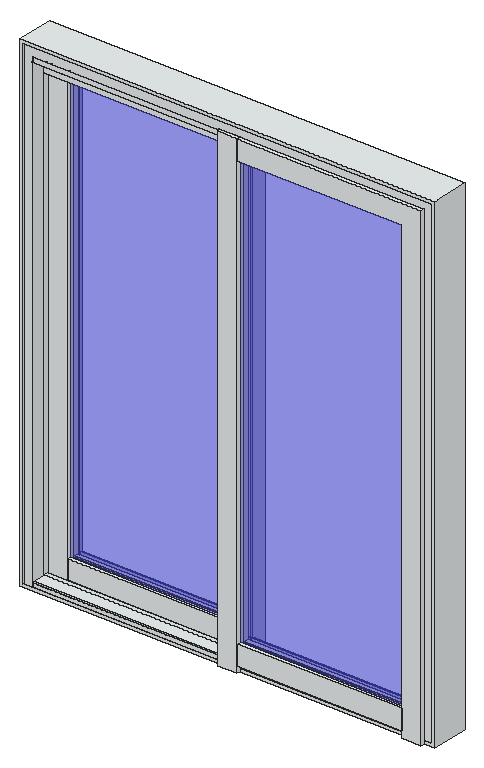
Revit family "Heve skyvedør wood", category Doors, host Wall, Revit 2017
Family settings
  Host = Wall
  OmniClass Number = 23.30.10.00
  OmniClass Title = Doors
  Always vertical = Yes
  Cut with Voids When Loaded = No
  Shared = No
  Room Calculation Point = Yes
Parameters
  Vertical mullion [instance] = or(Type 2, Type 3, Type 4, Type 5)  # no
  Type 7 [instance] = no
  Type 6 [instance] = no
  Type 5 [instance] = no
  Type 4 [instance] = no
  Type 3 [instance] = no
  Type 2 [instance] = no
  Type 1 [instance] = yes
  Top mullion placement [instance] = 550 mm
  Top horizontal mullion [instance] = or(Type 4, Type 5, Type 7)  # no
  Middle mullion placement [instance] = 1050 mm
  Middle horizontal mullion [instance] = or(Type 3, Type 5, Type 6)  # no
  Center = Rough Width / 2  # 906 mm
  Note [instance] = "Please note that the min./max. dimensions are indicative. The weight and constructional characteristics of the glass may in some cases mean that the element is not available in the requested size. Please contact us, if you require element sizes that are marginal as to the min./max. dimensions."
  Door areal [instance] = Width * Height  # 3.78698 m²
  Wall closure = 150 mm
  URL = ""
  Rough Width = Width + (2 * Joint)  # 1812 mm
  Rough Height = Height + (2 * Joint)  # 2142 mm
  Placement in wall = 50 mm
  Model = "GSD 1 leaf Wood 48 mm Pane"
  Manufacturer = "Dovista"
  Keynote = ""
  Joint = 12 mm  # constant formula
  Frame Material = (f7) - Gips
  Glass = Glass
  Function = Interior
  Height = if(Desire Height < 1800 mm, 1800 mm, if(Desire Height > 2600 mm, 2600 mm, Desire Height))  # 2118 mm
  Wall Closure = By host
  Width = if(Desire Width < 1488 mm, 1488 mm, if(Desire Width > 4988 mm, 4988 mm, Desire Width))  # 1788 mm
  Desire Width = 1788 mm
  Desire Height = 2118 mm
  Rail = no
  Bottom mullion placement [instance] = 1550 mm
  Bottom horizontal mullion [instance] = or(Type 4, Type 5, Type 7)  # no
  Analytic Construction = "<None>"
Reference planes
  plane 1: y = 0
  plane 2 "Center (Left/Right)": x = 0
  plane 3 "Left": x = -906
  plane 4 "Right": x = 906
  plane 5: z = 2142
  plane 6 "Exterior": y = 75
  plane 7 "Interior": y = -75
  plane 8 "Left Joint": x = -894
  plane 9 "Right Joint": x = 894
  plane 10 "Buttom Joint": z = 12
  plane 11 "Top Joint": z = 2130
  plane 12 "Insert in wall": y = -20.279
  plane 13: y = -75
  plane 14: x = 0
  plane 15: y = 25
  plane 16: x = -416.221
  plane 17: x = 412.4
  plane 18: x = -771
  plane 19: x = -61.443
  plane 20: x = 53.8
  plane 21: x = 771
  plane 22: z = 1592
  plane 23: z = 1092
  plane 24: z = 592
Forms (mm)
  Sweep 1, solid, material "(f7) - Gips" <- "Frame Material"
    path origin (-763.203, -20.279, 1200) x (-1, 0, 0) y (0, 0, 1)
      loop
        line (-1657.203, 930) -> (-1657.203, -1188) -> (130.797, -1188) -> (130.797, 930) -> (-1657.203, 930)
    profile origin (0, -20.279, 2130) x (0, 0, 1) y (0, 1, 0)
      loop
        line (0, 33.279) -> (0, -132.024) -> (12, -132.024) -> (12, 33.279) -> (0, 33.279)
  Sweep 2, solid, material "(f7) - Gips" <- "Frame Material"
    path origin (-763.203, -20.279, 1200) x (-1, 0, 0) y (0, 0, 1)
      loop
        line (-727.003, 930) -> (130.797, 930) -> (130.797, -1200)
    profile origin (-465.1, -20.279, 2130) x (0, 0, 1) y (0, 1, 0)
      loop
        line (-38, -41.024) -> (-38, 36.976) -> (-100, 36.976) -> (-100, -28.024) -> (-123, -28.024) -> (-123, -41.024) -> (-38, -41.024)
  Sweep 3, solid, material "(f7) - Gips" <- "Frame Material"
    path origin (-763.203, -20.279, 1200) x (-1, 0, 0) y (0, 0, 1)
      loop
        line (-1534.203, -1188) -> (-817.003, -1188)
    profile origin (412.4, -20.279, 12) x (0, 0, 1) y (0, 1, 0)
      loop
        line (71.992, -66.024) -> (0, -66.024) -> (0, -128.024) -> (16, -128.024) -> (16, -144.024) -> (103, -144.024) -> (103, -128.024) -> (79.605, -128.024) -> (71.992, -66.024)
  Sweep 4, solid, material "(f7) - Gips" <- "Frame Material"
    path origin (-36.797, -20.279, 1200) x (1, 0, 0) y (0, 0, -1)
      loop
        line (36.797, -867.131) -> (36.797, 1200)
    profile origin (0, -20.279, 1033.565) x (0, 1, 0) y (-1, 0, 0)
      loop
        line (-28.024, 36.2) -> (-28.024, 59.2) -> (-41.024, 59.2) -> (-41.024, -27.8) -> (36.976, -27.8) -> (36.976, 36.2) -> (-28.024, 36.2)
  Sweep 5, solid, material "(f7) - Gips" <- "Frame Material"
    path origin (-763.203, -20.279, 1200) x (-1, 0, 0) y (0, 0, 1)
      loop
        line (-1657.203, -1200) -> (-1657.203, 930) -> (130.815, 930) -> (130.815, -1200)
    profile origin (-0.009, -20.279, 2130) x (0, 0, 1) y (0, 1, 0)
      loop
        line (0, 36.976) -> (-38, 36.976) -> (-38, -73.474) -> (-42, -73.474) -> (-42, -128.433) -> (0, -128.433) -> (0, 36.976)
  Sweep 6, solid, material "(f7) - Gips" <- "Frame Material"
    path origin (-763.203, -20.279, 1200) x (-1, 0, 0) y (0, 0, 1)
      loop
        line (130.815, 930) -> (130.815, -1188)
    profile origin (-894.018, -20.279, 1071) x (0, 1, 0) y (-1, 0, 0)
      loop
        line (42.976, -116.712) -> (42.976, -100.018) -> (28.976, -100.018) -> (28.976, -122.511) -> (42.976, -116.712)
  Sweep 7, solid, material "(f7) - Gips" <- "Frame Material"
    path origin (-24.318, -20.279, 1200) x (1, 0, 0) y (0, 0, -1)
      loop
        line (36.815, -867.131) -> (36.815, 1188)
    profile origin (12.497, -20.279, 1039.565) x (0, 1, 0) y (-1, 0, 0)
      loop
        line (28.976, 73.191) -> (28.976, 48.697) -> (42.976, 48.697) -> (42.976, 67.392) -> (28.976, 73.191)
      loop
        line (-60.024, -36.998) -> (-60.024, -18.203) -> (-74.024, -18.203) -> (-74.024, -42.797) -> (-60.024, -36.998)
  Sweep 8, solid, material "(f7) - Gips" <- "Frame Material"
    path origin (36.797, -20.279, 1200) x (-1, 0, 0) y (0, 0, 1)
      loop
        line (36.797, 894) -> (36.797, -1200)
    profile origin (0, -20.279, 1047) x (0, 1, 0) y (-1, 0, 0)
      loop
        line (-144.024, -53.8) -> (-131.024, -53.8) -> (-131.024, -30.8) -> (-58.121, -30.8) -> (-57.619, -27.95) -> (-41.024, -27.95) -> (-41.024, 39.3) -> (-128.024, 39.3) -> (-128.024, 33.2) -> (-144.024, 33.2) -> (-144.024, -53.8)
  Sweep 9, solid, material "(f7) - Gips" <- "Frame Material"
    path origin (763.203, -20.279, 1200) x (1, 0, 0) y (0, 0, -1)
      loop
        line (-709.403, -930) -> (130.797, -930) -> (130.797, 1200)
    profile origin (473.9, -20.279, 2130) x (0, 0, -1) y (0, 1, 0)
      loop
        line (36, -66.024) -> (36, -144.024) -> (123, -144.024) -> (123, -131.024) -> (100, -131.024) -> (100, -66.024) -> (36, -66.024)
  Sweep 10, solid, material "(f7) - Gips" <- "Frame Material"
    path origin (763.203, -20.279, 1200) x (1, 0, 0) y (0, 0, -1)
      loop
        line (-1541.969, 1188) -> (-818.097, 1188)
    profile origin (-416.83, -20.279, 12) x (0, 0, -1) y (0, 1, 0)
      loop
        line (-74.584, 42.976) -> (-92.482, 42.976) -> (-98.281, 28.976) -> (-74.584, 28.976) -> (-74.584, 42.976)
  Sweep 11, solid, material "(f7) - Gips" <- "Frame Material"
    path origin (763.203, -20.279, 1200) x (1, 0, 0) y (0, 0, -1)
      loop
        line (-1534.203, 1188) -> (-802.503, 1188)
    profile origin (-405.15, -20.279, 12) x (0, 0, -1) y (0, 1, 0)
      loop
        line (-103, -28.024) -> (-103, -41.024) -> (-18.2, -41.024) -> (-18.2, 26.484) -> (-15.389, 36.976) -> (-72.019, 36.976) -> (-80, -28.024) -> (-103, -28.024)
  Sweep 12, solid, material "(f7) - Gips" <- "Frame Material"
    path origin (-763.203, -20.279, 1200) x (-1, 0, 0) y (0, 0, 1)
      loop
        line (-1657.203, 930) -> (-1657.203, -1200)
    profile origin (894, -20.279, 1065) x (0, 1, 0) y (-1, 0, 0)
      loop
        line (-60.024, 118.695) -> (-74.024, 124.494) -> (-74.024, 100.795) -> (-60.024, 100.795) -> (-60.024, 118.695)
  Extrusion 13, solid, material "Glass" <- "Glass", detail levels fine
    sketch origin (-763.203, -20.279, 1200) x (-1, 0, 0) y (0, 0, 1)
      loop
        line (-1549.193, 825) -> (-1549.193, -1105.841) -> (-799.003, -1105.841) -> (-799.003, 825) -> (-1549.193, 825)
    from -78.024 to -74.024
  Extrusion 14, solid, material "Glass" <- "Glass", detail levels fine
    sketch origin (-763.203, -20.279, 1200) x (-1, 0, 0) y (0, 0, 1)
      loop
        line (-1549.193, 825) -> (-1549.193, -1105.841) -> (-799.003, -1105.841) -> (-799.003, 825) -> (-1549.193, 825)
    from -103.024 to -99.024
  Extrusion 15, solid, material "Glass" <- "Glass", detail levels fine
    sketch origin (-763.203, -20.279, 1200) x (-1, 0, 0) y (0, 0, 1)
      loop
        line (-722.003, 825) -> (-722.003, -1103.16) -> (27.797, -1103.16) -> (27.797, 825) -> (-722.003, 825)
    from -25.024 to -21.024
  Extrusion 16, solid, material "Glass" <- "Glass", detail levels fine
    sketch origin (-763.203, -20.279, 1200) x (-1, 0, 0) y (0, 0, 1)
      loop
        line (-722.003, 825) -> (-722.003, -1103.16) -> (27.797, -1103.16) -> (27.797, 825) -> (-722.003, 825)
    from -1.024 to 2.976
  Sweep 17, solid
    path origin (-763.203, -20.279, 1200) x (-1, 0, 0) y (0, 0, 1)
      loop
        line (-14.963, 784.44) -> (-680.915, 784.44) -> (-680.915, -1067.354) -> (-14.963, -1067.354) -> (-14.963, 784.44)
    profile origin (-415.264, -20.279, 1984.44) x (0, 0, -1) y (0, 1, 0)
      loop
        line (-30.526, 24.976) -> (-37.658, 24.976) -> (-37.658, 2.976) -> (-30.526, 2.976) -> (-30.526, 24.976)
      loop
        line (-30.526, -1.024) -> (-37.658, -1.024) -> (-37.658, -21.024) -> (-30.526, -21.024) -> (-30.526, -1.024)
  Sweep 18, solid
    path origin (-763.203, -20.279, 1200) x (-1, 0, 0) y (0, 0, 1)
      loop
        line (-1530.805, 804) -> (-1530.805, -1087.454) -> (-820.256, -1087.454) -> (-820.256, 804) -> (-1530.805, 804)
    profile origin (412.328, -20.279, 2004) x (0, 0, 1) y (0, 1, 0)
      loop
        line (11, -78.024) -> (11, -99.024) -> (18.388, -99.024) -> (18.388, -78.024) -> (11, -78.024)
      loop
        line (11, -103.024) -> (11, -124.024) -> (18.388, -124.024) -> (18.388, -103.024) -> (11, -103.024)
  Sweep 19, solid, material "(f7) - Gips" <- "Frame Material"
    path origin (-763.203, -20.279, 1200) x (-1, 0, 0) y (0, 0, 1)
      loop
        line (-1615.203, -1188) -> (88.815, -1188)
    profile origin (-0.009, -20.279, 12) x (0, 0, 1) y (0, 1, 0)
      loop
        line (6.008, 36.976) -> (0, 36.976) -> (0, -128.024) -> (23, -128.024) -> (23, -68.696) -> (20.567, -47.024) -> (13.801, -47.024) -> (9.673, -2.524) -> (25, -2.524) -> (25, 2.476) -> (9.209, 2.476) -> (6.008, 36.976)
  Sweep 20, solid, material "(f7) - Gips" <- "Frame Material"
    path origin (-763.203, -20.279, 1200) x (-1, 0, 0) y (0, 0, 1)
      loop
        line (-1615.203, -1200) -> (88.815, -1200)
    profile origin (-0.009, -20.279, 0) x (0, 0, 1) y (0, 1, 0)
      loop
        line (12, -128.433) -> (30.73, -128.433) -> (30.73, -81.182) -> (16.3, -81.182) -> (16.3, -108.921) -> (12, -112.529) -> (12, -128.433)
  Extrusion 21, solid, material "Glass" <- "Glass", detail levels fine
    sketch origin (-770.953, -20.279, 1200) x (-1, 0, 0) y (0, 0, 1)
      loop
        line (-1556.943, 825) -> (-1556.943, -1105.841) -> (-806.753, -1105.841) -> (-806.753, 825) -> (-1556.943, 825)
    from -128.024 to -124.024
  Extrusion 22, solid, material "Glass" <- "Glass", detail levels fine
    sketch origin (-769.622, -20.279, 1200) x (-1, 0, 0) y (0, 0, 1)
      loop
        line (-728.422, 825) -> (-728.422, -1103.16) -> (21.378, -1103.16) -> (21.378, 825) -> (-728.422, 825)
    from 24.976 to 28.976
  Sweep 23, solid, material "(f7) - Gips" <- "Frame Material"
    path origin (-763.203, -20.279, 1200) x (-1, 0, 0) y (0, 0, 1)
      loop
        line (-1619.203, 830) -> (92.815, 830)
    profile origin (-0.009, -20.279, 2030) x (0, 0, 1) y (0, 1, 0)
      loop
        line (58.667, 54.476) -> (37.131, 56.36) -> (37.131, -2.62) -> (62, 8.977) -> (62, 27.332) -> (58.667, 54.476)
      loop
        line (-0.795, -60.024) -> (-18.695, -60.024) -> (-24.494, -74.024) -> (-0.795, -74.024) -> (-0.795, -60.024)
      loop
        line (37.131, -128.024) -> (62, -128.024) -> (62, -41.024) -> (37.131, -41.024) -> (37.131, -128.024)
  Sweep 24, solid, material "(f7) - Gips" <- "Frame Material"
    path origin (-763.203, -20.279, 1200) x (-1, 0, 0) y (0, 0, 1)
      loop
        line (-1538.508, -1095.52) -> (-812.697, -1095.52)
    profile origin (412.4, -20.279, 104.48) x (0, 0, 1) y (0, 1, 0)
      loop
        line (5.799, -74.024) -> (0, -60.024) -> (-17.9, -60.024) -> (-17.9, -74.024) -> (5.799, -74.024)
  Sweep 25, solid, material "(f7) - Gips" <- "Frame Material", visible <- "Vertical mullion"
    path origin (-763.203, -20.279, 1200) x (-1, 0, 0) y (0, 0, 1)
      loop
        line (-346.982, 829.205) -> (-346.982, -1085)
    profile origin (-416.221, -20.279, 1072.103) x (0, 1, 0) y (-1, 0, 0)
      loop
        line (36.976, 12) -> (33.976, 12) -> (33.976, 31.937) -> (22.976, 36.494) -> (22.976, 12) -> (-28.024, 12) -> (-28.024, 35) -> (-41.024, 35) -> (-41.024, -43) -> (-28.024, -43) -> (-28.024, -20) -> (22.976, -20) -> (22.976, -44.494) -> (33.976, -39.937) -> (33.976, -20) -> (36.976, -20) -> (36.976, 12)
  Sweep 26, solid, material "(f7) - Gips" <- "Frame Material", visible <- "Top horizontal mullion"
    path origin (-763.203, -20.279, 1200) x (-1, 0, 0) y (0, 0, 1)
      loop
        line (-817.003, 392) -> (-1534.203, 392)
    profile origin (412.4, -20.279, 1592) x (0, 0, -1) y (0, 1, 0)
      loop
        line (35, -132.024) -> (12, -132.024) -> (12, -81.024) -> (36.494, -81.024) -> (31.937, -70.024) -> (12, -70.024) -> (12, -67.024) -> (-20, -67.024) -> (-20, -70.024) -> (-39.937, -70.024) -> (-44.494, -81.024) -> (-20, -81.024) -> (-20, -132.024) -> (-43, -132.024) -> (-43, -145.024) -> (35, -145.024) -> (35, -132.024)
  Sweep 27, solid, material "(f7) - Gips" <- "Frame Material", visible <- "Middle horizontal mullion"
    path origin (-763.203, -20.279, 1200) x (-1, 0, 0) y (0, 0, 1)
      loop
        line (-1534.203, -108) -> (-817.003, -108)
    profile origin (412.4, -20.279, 1092) x (0, 0, 1) y (0, 1, 0)
      loop
        line (-35.01, -132.024) -> (-35.01, -145.024) -> (42.99, -145.024) -> (42.99, -132.024) -> (19.99, -132.024) -> (19.99, -81.024) -> (44.484, -81.024) -> (39.928, -70.024) -> (19.99, -70.024) -> (19.99, -67.024) -> (-12.01, -67.024) -> (-12.01, -70.024) -> (-31.947, -70.024) -> (-36.503, -81.024) -> (-12.01, -81.024) -> (-12.01, -132.024) -> (-35.01, -132.024)
  Sweep 28, solid, material "(f7) - Gips" <- "Frame Material", visible <- "Bottom horizontal mullion"
    path origin (-763.203, -20.279, 1200) x (-1, 0, 0) y (0, 0, 1)
      loop
        line (-817.003, -608) -> (-1534.203, -608)
    profile origin (412.4, -20.279, 592) x (0, 0, -1) y (0, 1, 0)
      loop
        line (35.01, -132.024) -> (12.01, -132.024) -> (12.01, -81.024) -> (36.503, -81.024) -> (31.947, -70.024) -> (12.01, -70.024) -> (12.01, -67.024) -> (-19.99, -67.024) -> (-19.99, -70.024) -> (-39.928, -70.024) -> (-44.484, -81.024) -> (-19.99, -81.024) -> (-19.99, -132.024) -> (-42.99, -132.024) -> (-42.99, -145.024) -> (35.01, -145.024) -> (35.01, -132.024)
  Sweep 29, solid, material "(f7) - Gips" <- "Frame Material", visible <- "Top horizontal mullion"
    path origin (763.203, -20.279, 1200) x (1, 0, 0) y (0, 0, -1)
      loop
        line (-817.003, -392) -> (-1534.203, -392)
    profile origin (-412.4, -20.279, 1592) x (0, 0, 1) y (0, 1, 0)
      loop
        line (20, -30.024) -> (20, 20.976) -> (44.494, 20.976) -> (39.937, 31.976) -> (20, 31.976) -> (20, 34.976) -> (-12, 34.976) -> (-12, 31.976) -> (-31.937, 31.976) -> (-36.494, 20.976) -> (-12, 20.976) -> (-12, -30.024) -> (-35, -30.024) -> (-35, -43.024) -> (43, -43.024) -> (43, -30.024) -> (20, -30.024)
  Sweep 30, solid, material "(f7) - Gips" <- "Frame Material", visible <- "Middle horizontal mullion"
    path origin (763.203, -20.279, 1200) x (1, 0, 0) y (0, 0, -1)
      loop
        line (-1534.203, 108) -> (-817.003, 108)
    profile origin (-412.4, -20.279, 1092) x (0, 0, -1) y (0, 1, 0)
      loop
        line (35.01, -30.024) -> (12.01, -30.024) -> (12.01, 20.976) -> (36.503, 20.976) -> (31.947, 31.976) -> (12.01, 31.976) -> (12.01, 34.976) -> (-19.99, 34.976) -> (-19.99, 31.976) -> (-39.928, 31.976) -> (-44.484, 20.976) -> (-19.99, 20.976) -> (-19.99, -30.024) -> (-42.99, -30.024) -> (-42.99, -43.024) -> (35.01, -43.024) -> (35.01, -30.024)
  Sweep 31, solid, material "(f7) - Gips" <- "Frame Material", visible <- "Bottom horizontal mullion"
    path origin (763.203, -20.279, 1200) x (1, 0, 0) y (0, 0, -1)
      loop
        line (-817.003, 608) -> (-1534.203, 608)
    profile origin (-412.4, -20.279, 592) x (0, 0, 1) y (0, 1, 0)
      loop
        line (-35.01, -30.024) -> (-35.01, -43.024) -> (42.99, -43.024) -> (42.99, -30.024) -> (19.99, -30.024) -> (19.99, 20.976) -> (44.484, 20.976) -> (39.928, 31.976) -> (19.99, 31.976) -> (19.99, 34.976) -> (-12.01, 34.976) -> (-12.01, 31.976) -> (-31.947, 31.976) -> (-36.503, 20.976) -> (-12.01, 20.976) -> (-12.01, -30.024) -> (-35.01, -30.024)
  Sweep 32, solid, material "(f7) - Gips" <- "Frame Material", visible <- "Vertical mullion"
    path origin (763.203, -20.279, 1200) x (1, 0, 0) y (0, 0, -1)
      loop
        line (-346.982, -807) -> (-346.982, 1085)
    profile origin (416.221, -20.279, 1061) x (0, 1, 0) y (-1, 0, 0)
      loop
        line (-146.185, 38.821) -> (-146.185, -39.179) -> (-133.185, -39.179) -> (-133.185, -16.179) -> (-82.185, -16.179) -> (-82.185, -40.672) -> (-71.185, -36.116) -> (-71.185, -16.179) -> (-68.185, -16.179) -> (-68.185, 15.821) -> (-71.185, 15.821) -> (-71.185, 35.758) -> (-82.185, 40.315) -> (-82.185, 15.821) -> (-133.185, 15.821) -> (-133.185, 38.821) -> (-146.185, 38.821)
Lines and regions (mm)
  Opening 1
    outline origin (-3050, -75, 0) x (1, 0, 0) y (0, 0, 1)
      loop
        line (2144, 0) -> (3956, 0) -> (3956, 2142) -> (2144, 2142) -> (2144, 0)
  Masking region 1
    outline origin (0, 0, 0) x (0, 1, 0) y (0, 0, 1)
      loop
        line (25, 2130) -> (-164.303, 2130) -> (-164.303, 12) -> (25, 12) -> (25, 2130)
  Masking region 2
    outline origin (0, 0, 0) x (1, 0, 0) y (0, 1, 0)
      loop
        line (-894, 24.997) -> (-894, -164.303) -> (894, -164.303) -> (894, 24.997) -> (-894, 24.997)
  symbolic lines
    curve 1: line (0, 13, 12) -> (0, 13, 0)
    curve 2: line (0, -152.303, 12) -> (0, -152.303, 0)
    curve 3: line (-894, 13, 0) -> (-906, 13, 0)
    curve 4: line (-894, -152.303, 0) -> (-906, -152.303, 0)
    curve 5: line (894, 13, 0) -> (906, 13, 0)
    curve 6: line (894, -152.303, 0) -> (906, -152.303, 0)
  symbolic lines, style "Doors"
    curve 7: line (0, 25, 2025) -> (0, -164.303, 2025)
    curve 8: line (0, 25, 2130) -> (0, -164.303, 2130)
    curve 9: line (0, -164.303, 2130) -> (0, -164.303, 2025)
    curve 10: line (0, 25, 2025) -> (0, 25, 2130)
    curve 11: line (0, -19.43, 2025) -> (0, -19.43, 115)
    curve 15: line (0, -69.652, 2025) -> (0, -69.652, 2130)
    curve 16: line (0, -121.212, 2025) -> (0, -121.212, 115)
    curve 17: line (0, 25, 115) -> (0, -164.303, 115)
    curve 18: line (0, 25, 12) -> (0, -164.303, 12)
    curve 19: line (0, -164.303, 12) -> (0, -164.303, 115)
    curve 20: line (0, 25, 115) -> (0, 25, 12)
    curve 21: line (0, -69.652, 115) -> (0, -69.652, 12)
    curve 22: line (53.8, 25, 0) -> (53.8, -164.303, 0)
    curve 23: line (-61.443, -164.303, 0) -> (-61.443, 25, 0)
    curve 24: line (771, -164.303, 0) -> (771, -69.652, 0)
    curve 25: line (771, -69.652, 0) -> (894, -69.652, 0)
    curve 26: line (-771, 25, 0) -> (-771, -69.652, 0)
    curve 27: line (-771, -69.652, 0) -> (-894, -69.652, 0)
    curve 28: line (-771, -22.326, 0) -> (-61.443, -22.326, 0)
    curve 29: line (771, -116.977, 0) -> (53.8, -116.977, 0)
    curve 30: line (53.8, -69.652, 0) -> (-61.443, -69.652, 0)
    curve 31: line (0, -69.652, 2025) -> (0, -69.652, 115)
    curve 32: line (0, 13, 2130) -> (0, 13, 2142)
    curve 33: line (0, -152.303, 2130) -> (0, -152.303, 2142)
  symbolic lines, style "DoorsOpeningProjection"
    curve 12: line (80, -20.279, 1192) -> (694, -20.279, 1192)
    curve 13: line (694, -20.279, 1192) -> (659.359, -20.279, 1212)
    curve 14: line (694, -20.279, 1192) -> (659.359, -20.279, 1172)
Text (mm)
  text "Exterior" at (-2295.016, 1099.543, 0), in view "Ref. Level"
  text "Exterior" at (0, 1615.38, 3698.081), in view "Left"
  text "Exterior" at (0, 1036.032, 3874.932), in view "Right"
Dimensions and locks
  equal spacing: plane 3 "Left", plane 2 "Center (Left/Right)", plane 4 "Right"
  "Rough Width": plane 3 "Left" to plane 4 "Right"
  "Rough Height": host wall to plane 5
  host wall to plane 5 = 2142 mm
  locked: plane 6 "Exterior" to host wall at 0
  locked: plane 7 "Interior" to host wall
  "Joint": plane 11 "Top Joint" to plane 5
  "Joint": level to plane 10 "Buttom Joint"
  "Joint": plane 3 "Left" to plane 8 "Left Joint"
  "Joint": plane 9 "Right Joint" to plane 4 "Right"
  "Placement in wall": host wall to plane 15
  "Wall closure": host wall to plane 13
  "Center": plane 14 to plane 4 "Right"
  Extrusion 13 to plane 9 "Right Joint" = 108.01 mm
  plane 14 to Extrusion 13 = 35.8 mm
  locked: plane 11 "Top Joint" to Extrusion 13 at 105
  plane 10 "Buttom Joint" to Extrusion 13 = 82.159 mm
  Extrusion 14 to plane 9 "Right Joint" = 108.01 mm
  plane 10 "Buttom Joint" to Extrusion 14 = 82.159 mm
  locked: plane 11 "Top Joint" to Extrusion 14 at 105
  Extrusion 15 to plane 14 = 41.2 mm
  plane 8 "Left Joint" to Extrusion 15 = 103 mm
  plane 10 "Buttom Joint" to Extrusion 15 = 84.84 mm
  Extrusion 16 to plane 14 = 41.2 mm
  plane 8 "Left Joint" to Extrusion 16 = 103 mm
  plane 10 "Buttom Joint" to Extrusion 16 = 84.84 mm
  plane 14 to Extrusion 14 = 35.8 mm
  locked: plane 12 "Insert in wall" to plane 15 at 45.279
  equal spacing: plane 18, plane 16, plane 19
  locked: plane 8 "Left Joint" to plane 18 at 123
  locked: plane 19 to plane 14 at 61.443
  locked: plane 14 to plane 20 at 53.8
  locked: plane 21 to plane 9 "Right Joint" at 123
  equal spacing: plane 20, plane 17, plane 21
  "Top mullion placement": plane 22 to plane 5
  "Middle mullion placement": plane 23 to plane 5
  "Bottom mullion placement": plane 24 to plane 5
  aligned and locked: plane 3 "Left" to Opening 1 sketch curve
  aligned and locked: plane 5 to Opening 1 sketch curve  (x2)
  aligned and locked: Opening 1 sketch curve to plane 4 "Right"
  aligned and locked: Opening 1 sketch curve to level
  aligned and locked: plane 1 to host wall
  aligned and locked: Sweep 1 sketch curve to plane 11 "Top Joint"
  aligned and locked: plane 9 "Right Joint" to Sweep 1 sketch curve
  aligned and locked: Sweep 1 sketch curve to plane 10 "Buttom Joint"
  aligned and locked: Sweep 1 sketch curve to plane 8 "Left Joint"
  aligned and locked: profile plane to Sweep 1 sketch curve
  aligned and locked: Sweep 1 sketch curve to plane 5
  aligned and locked: Sweep 1 to Sweep 2 sketch curve
  aligned and locked: Sweep 2 sketch curve to Sweep 1
  aligned and locked: Sweep 3 sketch curve to Sweep 1
  aligned and locked: Sweep 5 sketch curve to Sweep 1  (x2)
  aligned and locked: Sweep 6 sketch curve to Sweep 5
  aligned and locked: Sweep 5 to Sweep 12 sketch curve
  aligned and locked: Sweep 19 sketch curve to plane 10 "Buttom Joint"
  aligned and locked: Sweep 20 sketch curve to Sweep 12
  aligned and locked: Sweep 5 to Sweep 20 sketch curve
  aligned and locked: Sweep 5 to Sweep 19 sketch curve  (x2)
  aligned and locked: Sweep 20 sketch curve to Sweep 5
  aligned and locked: Masking region 1 sketch curve to curve 8
  aligned and locked: Masking region 1 sketch curve to curve 1
  aligned and locked: Sweep 12 sketch curve to Sweep 5
  aligned and locked: Masking region 2 sketch curve to plane 8 "Left Joint"
  aligned and locked: plane 9 "Right Joint" to Masking region 2 sketch curve
  aligned and locked: Sweep 23 sketch curve to Sweep 9
  aligned and locked: Sweep 5 to Sweep 23 sketch curve  (x2)
  aligned and locked: Sweep 23 to Sweep 7 sketch curve
  aligned and locked: Sweep 2 to Sweep 11 sketch curve
  aligned and locked: Sweep 8 to Sweep 11 sketch curve
  aligned and locked: Sweep 8 to Sweep 3 sketch curve
  aligned and locked: Sweep 9 to Sweep 3 sketch curve
  aligned and locked: Sweep 7 to Sweep 10 sketch curve
  aligned and locked: Sweep 17 to Sweep 10 sketch curve
  aligned and locked: Masking region 1 to Sweep 8
  aligned and locked: curve 9 to Sweep 8
  aligned and locked: Masking region 1 to curve 10
  aligned and locked: curve 19 to Masking region 1
  aligned and locked: curve 20 to Masking region 1
  aligned and locked: Sweep 7 to Sweep 24 sketch curve
  aligned and locked: plane 16 to Sweep 25 sketch curve
  aligned and locked: Sweep 23 to Sweep 25 sketch curve
  aligned and locked: Sweep 11 to Sweep 25 sketch curve
  aligned and locked: plane 22 to Sweep 26 sketch curve
  aligned and locked: Sweep 9 to Sweep 26 sketch curve
  aligned and locked: Sweep 8 to Sweep 26 sketch curve
  aligned and locked: Sweep 27 sketch curve to plane 23
  aligned and locked: Sweep 8 to Sweep 27 sketch curve
  aligned and locked: Sweep 9 to Sweep 27 sketch curve
  aligned and locked: plane 20 to Sweep 28 sketch curve
  aligned and locked: plane 24 to Sweep 28 sketch curve
  aligned and locked: Sweep 9 to Sweep 32 sketch curve
  aligned and locked: Sweep 23 to Sweep 4 sketch curve
  aligned and locked: Sweep 2 sketch curve to Sweep 7
  aligned and locked: Sweep 9 sketch curve to Sweep 8
Automatic sketch dimensions
  curve 19 to plane 10 "Buttom Joint" = 0 mm
  curve 33 to plane 11 "Top Joint" = 0 mm
  plane 5 to curve 33 = 0 mm
  curve 2 to level = 0 mm
  curve 1 to level = 0 mm
  plane 5 to curve 32 = 0 mm
  curve 7 to plane 15 = 0 mm
  curve 18 to plane 15 = 0 mm
  curve 18 to plane 12 "Insert in wall" = 144.024 mm
  curve 18 to curve 20 = 103 mm
  curve 7 to curve 8 = 105 mm
  curve 18 to curve 2 = 12 mm
  curve 8 to curve 33 = 12 mm
  curve 17 to curve 16 = 43.091 mm
  curve 15 to plane 12 "Insert in wall" = 49.372 mm
  curve 21 to plane 12 "Insert in wall" = 49.372 mm
  curve 31 to curve 15 = 0 mm
  plane 12 "Insert in wall" to curve 11 = 0.849 mm
  plane 15 to curve 1 = 12 mm
  curve 32 to curve 8 = 12 mm
  Sweep 1 sketch curve to plane 12 "Insert in wall" = 132.024 mm
  plane 12 "Insert in wall" to Sweep 1 sketch curve = 33.279 mm
  Sweep 2 sketch curve to level = 0 mm
  Sweep 2 sketch curve to plane 12 "Insert in wall" = 28.024 mm
  profile plane to Sweep 2 sketch curve = 123 mm
  Sweep 2 sketch curve to Sweep 2 sketch curve = 23 mm
  profile plane to Sweep 2 sketch curve = 38 mm
  Sweep 2 sketch curve to Sweep 2 sketch curve = 13 mm
  plane 12 "Insert in wall" to Sweep 2 sketch curve = 36.976 mm
  profile plane to Sweep 3 sketch curve = 0 mm
  Sweep 3 sketch curve to Sweep 3 sketch curve = 16 mm  (x3)
  Sweep 3 sketch curve to Sweep 3 sketch curve = 71.992 mm
  Sweep 3 sketch curve to Sweep 3 sketch curve = 7.613 mm
  Sweep 3 sketch curve to Sweep 3 sketch curve = 23.395 mm
  Sweep 3 sketch curve to plane 12 "Insert in wall" = 144.024 mm
  Sweep 3 sketch curve to Sweep 3 sketch curve = 62 mm
  curve 12 to plane 21 = 77 mm
  plane 23 to curve 13 = 100 mm
  curve 12 to curve 13 = 34.641 mm
  curve 12 to curve 14 = 34.641 mm
  plane 20 to curve 12 = 26.2 mm
  curve 14 to curve 12 = 20 mm
  curve 12 to curve 13 = 20 mm
  curve 3 to plane 3 "Left" = 0 mm
  curve 4 to plane 3 "Left" = 0 mm
  curve 4 to plane 8 "Left Joint" = 0 mm
  curve 27 to plane 8 "Left Joint" = 0 mm
  curve 3 to plane 8 "Left Joint" = 0 mm
  curve 28 to plane 18 = 0 mm
  curve 28 to plane 19 = 0 mm
  plane 15 to curve 22 = 0 mm
  curve 22 to plane 20 = 0 mm
  curve 25 to plane 21 = 0 mm
  curve 6 to plane 9 "Right Joint" = 0 mm
  curve 25 to plane 9 "Right Joint" = 0 mm
  curve 5 to plane 9 "Right Joint" = 0 mm
  curve 6 to plane 4 "Right" = 0 mm
  curve 5 to plane 4 "Right" = 0 mm
  plane 15 to curve 23 = 0 mm
  plane 15 to curve 26 = 0 mm
  curve 26 to plane 12 "Insert in wall" = 49.372 mm
  curve 25 to plane 12 "Insert in wall" = 49.372 mm
  plane 15 to curve 5 = 12 mm
  plane 15 to curve 3 = 12 mm
  curve 28 to plane 12 "Insert in wall" = 2.047 mm
  curve 30 to curve 28 = 47.326 mm
  curve 29 to curve 24 = 47.326 mm
  curve 6 to curve 25 = 82.652 mm
  curve 4 to curve 27 = 82.652 mm
  curve 24 to curve 29 = 47.326 mm
  curve 22 to curve 29 = 47.326 mm
  curve 23 to curve 30 = 94.652 mm
  Sweep 4 sketch curve to level = 0 mm
  Sweep 4 sketch curve to plane 2 "Center (Left/Right)" = 0 mm
  Sweep 4 sketch curve to plane 12 "Insert in wall" = 41.024 mm
  Sweep 4 sketch curve to Sweep 4 sketch curve = 13 mm
  plane 12 "Insert in wall" to Sweep 4 sketch curve = 36.976 mm
  profile plane to Sweep 4 sketch curve = 27.8 mm
  Sweep 4 sketch curve to profile plane = 36.2 mm
  Sweep 4 sketch curve to Sweep 4 sketch curve = 23 mm
  Sweep 5 sketch curve to level = 0 mm  (x2)
  plane 8 "Left Joint" to Sweep 5 sketch curve = 0.018 mm
  profile plane to Sweep 5 sketch curve = 0 mm
  profile plane to Sweep 5 sketch curve = 38 mm
  Sweep 5 sketch curve to Sweep 5 sketch curve = 4 mm
  Sweep 5 sketch curve to plane 12 "Insert in wall" = 128.433 mm
  Sweep 5 sketch curve to Sweep 5 sketch curve = 54.959 mm
  plane 12 "Insert in wall" to Sweep 5 sketch curve = 36.976 mm
  Sweep 6 sketch curve to plane 10 "Buttom Joint" = 0 mm
  Sweep 6 sketch curve to plane 11 "Top Joint" = 0 mm
  plane 12 "Insert in wall" to Sweep 6 sketch curve = 28.976 mm
  Sweep 6 sketch curve to Sweep 6 sketch curve = 14 mm
  profile plane to Sweep 6 sketch curve = 122.511 mm
  Sweep 6 sketch curve to Sweep 6 sketch curve = 5.799 mm
  Sweep 6 sketch curve to Sweep 6 sketch curve = 16.695 mm
  Sweep 7 sketch curve to plane 10 "Buttom Joint" = 0 mm
  plane 2 "Center (Left/Right)" to Sweep 7 sketch curve = 12.497 mm
  Sweep 7 sketch curve to plane 12 "Insert in wall" = 74.024 mm
  Sweep 7 sketch curve to Sweep 7 sketch curve = 14 mm  (x2)
  plane 12 "Insert in wall" to Sweep 7 sketch curve = 28.976 mm
  profile plane to Sweep 7 sketch curve = 42.797 mm
  Sweep 7 sketch curve to Sweep 7 sketch curve = 5.799 mm  (x2)
  profile plane to Sweep 7 sketch curve = 18.203 mm
  Sweep 7 sketch curve to profile plane = 48.697 mm
  Sweep 7 sketch curve to Sweep 7 sketch curve = 18.695 mm
  Sweep 8 sketch curve to level = 0 mm
  Sweep 8 sketch curve to plane 2 "Center (Left/Right)" = 0 mm
  Sweep 8 sketch curve to plane 11 "Top Joint" = 36 mm
  profile plane to Sweep 8 sketch curve = 53.8 mm
  Sweep 8 sketch curve to plane 12 "Insert in wall" = 144.024 mm
  Sweep 8 sketch curve to Sweep 8 sketch curve = 13 mm
  Sweep 8 sketch curve to Sweep 8 sketch curve = 16 mm
  Sweep 8 sketch curve to plane 12 "Insert in wall" = 58.121 mm
  profile plane to Sweep 8 sketch curve = 27.95 mm
  Sweep 8 sketch curve to Sweep 8 sketch curve = 0.503 mm
  Sweep 8 sketch curve to Sweep 8 sketch curve = 16.595 mm
  Sweep 8 sketch curve to Sweep 8 sketch curve = 2.85 mm
  Sweep 8 sketch curve to profile plane = 33.2 mm
  Sweep 8 sketch curve to profile plane = 39.3 mm
  plane 9 "Right Joint" to Sweep 9 sketch curve = 0 mm
  Sweep 9 sketch curve to plane 11 "Top Joint" = 0 mm
  Sweep 9 sketch curve to level = 0 mm
  Sweep 9 sketch curve to profile plane = 36 mm
  Sweep 9 sketch curve to Sweep 9 sketch curve = 64 mm
  Sweep 9 sketch curve to Sweep 9 sketch curve = 23 mm
  Sweep 9 sketch curve to plane 12 "Insert in wall" = 144.024 mm
  Sweep 9 sketch curve to Sweep 9 sketch curve = 13 mm
  Sweep 9 sketch curve to plane 12 "Insert in wall" = 66.024 mm
  Sweep 10 sketch curve to plane 10 "Buttom Joint" = 0 mm
  plane 12 "Insert in wall" to Sweep 10 sketch curve = 28.976 mm
  profile plane to Sweep 10 sketch curve = 98.281 mm
  plane 12 "Insert in wall" to Sweep 10 sketch curve = 42.976 mm
  Sweep 10 sketch curve to Sweep 10 sketch curve = 5.799 mm
  Sweep 10 sketch curve to Sweep 10 sketch curve = 17.898 mm
  Sweep 11 sketch curve to plane 10 "Buttom Joint" = 0 mm
  Sweep 11 sketch curve to plane 12 "Insert in wall" = 28.024 mm
  profile plane to Sweep 11 sketch curve = 103 mm
  Sweep 11 sketch curve to Sweep 11 sketch curve = 23 mm
  Sweep 11 sketch curve to Sweep 11 sketch curve = 7.981 mm
  profile plane to Sweep 11 sketch curve = 18.2 mm
  Sweep 11 sketch curve to Sweep 11 sketch curve = 2.811 mm
  Sweep 11 sketch curve to plane 12 "Insert in wall" = 41.024 mm
  plane 12 "Insert in wall" to Sweep 11 sketch curve = 26.484 mm
  plane 12 "Insert in wall" to Sweep 11 sketch curve = 36.976 mm
  Sweep 12 sketch curve to level = 0 mm
  Sweep 12 sketch curve to plane 12 "Insert in wall" = 74.024 mm
  Sweep 12 sketch curve to Sweep 12 sketch curve = 14 mm
  Sweep 12 sketch curve to profile plane = 100.795 mm
  Sweep 12 sketch curve to Sweep 12 sketch curve = 17.9 mm
  Sweep 12 sketch curve to Sweep 12 sketch curve = 5.799 mm
  plane 21 to Extrusion 13 sketch curve = 14.99 mm
  Extrusion 13 sketch curve to plane 20 = 18 mm
  plane 10 "Buttom Joint" to Extrusion 13 sketch curve = 82.159 mm
  Extrusion 13 sketch curve to plane 11 "Top Joint" = 105 mm
  plane 21 to Extrusion 14 sketch curve = 14.99 mm
  Extrusion 14 sketch curve to plane 20 = 18 mm
  plane 10 "Buttom Joint" to Extrusion 14 sketch curve = 82.159 mm
  Extrusion 14 sketch curve to plane 11 "Top Joint" = 105 mm
  plane 19 to Extrusion 15 sketch curve = 20.243 mm
  Extrusion 15 sketch curve to plane 18 = 20 mm
  plane 10 "Buttom Joint" to Extrusion 15 sketch curve = 84.84 mm
  Extrusion 15 sketch curve to plane 11 "Top Joint" = 105 mm
  plane 19 to Extrusion 16 sketch curve = 20.243 mm
  Extrusion 16 sketch curve to plane 18 = 20 mm
  plane 10 "Buttom Joint" to Extrusion 16 sketch curve = 84.84 mm
  Extrusion 16 sketch curve to plane 11 "Top Joint" = 105 mm
  Sweep 17 sketch curve to plane 19 = 20.846 mm
  plane 18 to Sweep 17 sketch curve = 22.76 mm
  plane 10 "Buttom Joint" to Sweep 17 sketch curve = 120.646 mm
  Sweep 17 sketch curve to plane 11 "Top Joint" = 145.56 mm
  profile plane to Sweep 17 sketch curve = 37.658 mm
  Sweep 17 sketch curve to Sweep 17 sketch curve = 0 mm
  Sweep 17 sketch curve to Sweep 17 sketch curve = 7.132 mm  (x2)
  Sweep 17 sketch curve to plane 12 "Insert in wall" = 21.024 mm
  Sweep 17 sketch curve to plane 12 "Insert in wall" = 1.024 mm
  plane 12 "Insert in wall" to Sweep 17 sketch curve = 2.976 mm
  Sweep 17 sketch curve to Sweep 17 sketch curve = 22 mm
  Sweep 18 sketch curve to plane 21 = 3.398 mm
  plane 20 to Sweep 18 sketch curve = 3.254 mm
  plane 10 "Buttom Joint" to Sweep 18 sketch curve = 100.546 mm
  Sweep 18 sketch curve to plane 11 "Top Joint" = 126 mm
  Sweep 18 sketch curve to profile plane = 11 mm  (x2)
  Sweep 18 sketch curve to Sweep 18 sketch curve = 7.388 mm
  Sweep 18 sketch curve to Sweep 18 sketch curve = 0 mm
  Sweep 18 sketch curve to plane 12 "Insert in wall" = 124.024 mm
  Sweep 18 sketch curve to Sweep 18 sketch curve = 21 mm  (x2)
  Sweep 18 sketch curve to Sweep 18 sketch curve = 4 mm
  profile plane to Sweep 19 sketch curve = 0 mm
  Sweep 19 sketch curve to Sweep 19 sketch curve = 6.008 mm
  plane 12 "Insert in wall" to Sweep 19 sketch curve = 2.476 mm
  Sweep 19 sketch curve to profile plane = 9.209 mm
  Sweep 19 sketch curve to Sweep 19 sketch curve = 0.464 mm
  Sweep 19 sketch curve to profile plane = 13.801 mm
  Sweep 19 sketch curve to Sweep 19 sketch curve = 6.766 mm
  Sweep 19 sketch curve to Sweep 19 sketch curve = 2.433 mm
  Sweep 19 sketch curve to plane 12 "Insert in wall" = 2.524 mm
  Sweep 19 sketch curve to Sweep 19 sketch curve = 15.327 mm
  Sweep 19 sketch curve to Sweep 19 sketch curve = 44.5 mm
  Sweep 19 sketch curve to Sweep 19 sketch curve = 21.672 mm
  Sweep 19 sketch curve to Sweep 19 sketch curve = 59.328 mm
  Sweep 19 sketch curve to Sweep 19 sketch curve = 34.5 mm
  Sweep 20 sketch curve to profile plane = 12 mm
  Sweep 20 sketch curve to Sweep 20 sketch curve = 4.3 mm
  Sweep 20 sketch curve to Sweep 20 sketch curve = 14.43 mm
  Sweep 20 sketch curve to plane 12 "Insert in wall" = 128.433 mm
  Sweep 20 sketch curve to Sweep 20 sketch curve = 15.904 mm
  Sweep 20 sketch curve to Sweep 20 sketch curve = 3.608 mm
  Sweep 20 sketch curve to Sweep 20 sketch curve = 27.738 mm
  plane 21 to Extrusion 21 sketch curve = 14.99 mm
  Extrusion 21 sketch curve to plane 20 = 18 mm
  plane 10 "Buttom Joint" to Extrusion 21 sketch curve = 82.159 mm
  Extrusion 21 sketch curve to plane 11 "Top Joint" = 105 mm
  plane 19 to Extrusion 22 sketch curve = 20.243 mm
  Extrusion 22 sketch curve to plane 18 = 20 mm
  plane 10 "Buttom Joint" to Extrusion 22 sketch curve = 84.84 mm
  Extrusion 22 sketch curve to plane 11 "Top Joint" = 105 mm
  Masking region 1 sketch curve to plane 15 = 0 mm
  Masking region 1 sketch curve to plane 12 "Insert in wall" = 144.024 mm
  Masking region 2 sketch curve to plane 12 "Insert in wall" = 144.024 mm
  plane 15 to Masking region 2 sketch curve = 0.003 mm
  plane 10 "Buttom Joint" to Sweep 24 sketch curve = 92.48 mm
  plane 21 to Sweep 24 sketch curve = 4.305 mm
  profile plane to Sweep 24 sketch curve = 0 mm
  profile plane to Sweep 24 sketch curve = 17.9 mm
  Sweep 24 sketch curve to profile plane = 5.799 mm
  Sweep 24 sketch curve to plane 12 "Insert in wall" = 74.024 mm
  Sweep 24 sketch curve to Sweep 24 sketch curve = 14 mm
  Sweep 25 sketch curve to plane 12 "Insert in wall" = 41.024 mm
  Sweep 25 sketch curve to Sweep 25 sketch curve = 13 mm  (x2)
  Sweep 25 sketch curve to profile plane = 12 mm
  plane 12 "Insert in wall" to Sweep 25 sketch curve = 22.976 mm  (x2)
  Sweep 25 sketch curve to Sweep 25 sketch curve = 11 mm  (x2)
  Sweep 25 sketch curve to Sweep 25 sketch curve = 3 mm
  Sweep 25 sketch curve to Sweep 25 sketch curve = 0 mm  (x2)
  profile plane to Sweep 25 sketch curve = 20 mm
  Sweep 25 sketch curve to Sweep 25 sketch curve = 19.937 mm  (x2)
  Sweep 25 sketch curve to Sweep 25 sketch curve = 23 mm  (x2)
  Sweep 25 sketch curve to Sweep 25 sketch curve = 4.556 mm  (x2)
  profile plane to Sweep 26 sketch curve = 44.494 mm
  profile plane to Sweep 26 sketch curve = 43 mm
  Sweep 26 sketch curve to Sweep 26 sketch curve = 4.556 mm  (x2)
  profile plane to Sweep 26 sketch curve = 20 mm
  Sweep 26 sketch curve to Sweep 26 sketch curve = 0 mm  (x3)
  Sweep 26 sketch curve to profile plane = 12 mm
  Sweep 26 sketch curve to Sweep 26 sketch curve = 19.937 mm
  Sweep 26 sketch curve to Sweep 26 sketch curve = 23 mm
  Sweep 26 sketch curve to plane 12 "Insert in wall" = 145.024 mm
  Sweep 26 sketch curve to Sweep 26 sketch curve = 13 mm  (x2)
  Sweep 26 sketch curve to Sweep 26 sketch curve = 51 mm
  Sweep 26 sketch curve to Sweep 26 sketch curve = 11 mm  (x2)
  Sweep 26 sketch curve to Sweep 26 sketch curve = 3 mm
  profile plane to Sweep 27 sketch curve = 36.503 mm
  profile plane to Sweep 27 sketch curve = 35.01 mm
  Sweep 27 sketch curve to Sweep 27 sketch curve = 4.556 mm  (x2)
  profile plane to Sweep 27 sketch curve = 12.01 mm
  Sweep 27 sketch curve to Sweep 27 sketch curve = 0 mm  (x3)
  Sweep 27 sketch curve to profile plane = 19.99 mm
  Sweep 27 sketch curve to Sweep 27 sketch curve = 19.937 mm
  Sweep 27 sketch curve to Sweep 27 sketch curve = 23 mm
  Sweep 27 sketch curve to plane 12 "Insert in wall" = 145.024 mm
  Sweep 27 sketch curve to Sweep 27 sketch curve = 13 mm  (x2)
  Sweep 27 sketch curve to Sweep 27 sketch curve = 51 mm
  Sweep 27 sketch curve to Sweep 27 sketch curve = 11 mm  (x2)
  Sweep 27 sketch curve to Sweep 27 sketch curve = 3 mm
  Sweep 28 sketch curve to plane 21 = 0 mm
  profile plane to Sweep 28 sketch curve = 44.484 mm
  profile plane to Sweep 28 sketch curve = 42.99 mm
  Sweep 28 sketch curve to Sweep 28 sketch curve = 4.556 mm  (x2)
  profile plane to Sweep 28 sketch curve = 19.99 mm
  Sweep 28 sketch curve to Sweep 28 sketch curve = 0 mm  (x3)
  Sweep 28 sketch curve to profile plane = 12.01 mm
  Sweep 28 sketch curve to Sweep 28 sketch curve = 19.937 mm
  Sweep 28 sketch curve to Sweep 28 sketch curve = 23 mm
  Sweep 28 sketch curve to plane 12 "Insert in wall" = 145.024 mm
  Sweep 28 sketch curve to Sweep 28 sketch curve = 13 mm  (x2)
  Sweep 28 sketch curve to Sweep 28 sketch curve = 51 mm
  Sweep 28 sketch curve to Sweep 28 sketch curve = 11 mm  (x2)
  Sweep 28 sketch curve to Sweep 28 sketch curve = 3 mm
  Sweep 29 sketch curve to plane 18 = 0 mm
  Sweep 29 sketch curve to plane 22 = 0 mm
  plane 19 to Sweep 29 sketch curve = 7.643 mm
  profile plane to Sweep 29 sketch curve = 36.494 mm
  profile plane to Sweep 29 sketch curve = 35 mm
  Sweep 29 sketch curve to Sweep 29 sketch curve = 4.556 mm  (x2)
  profile plane to Sweep 29 sketch curve = 12 mm  (x2)
  Sweep 29 sketch curve to profile plane = 20 mm
  Sweep 29 sketch curve to Sweep 29 sketch curve = 0 mm
  Sweep 29 sketch curve to Sweep 29 sketch curve = 19.937 mm
  Sweep 29 sketch curve to Sweep 29 sketch curve = 23 mm
  plane 12 "Insert in wall" to Sweep 29 sketch curve = 20.976 mm  (x2)
  Sweep 29 sketch curve to plane 12 "Insert in wall" = 30.024 mm  (x2)
  Sweep 29 sketch curve to Sweep 29 sketch curve = 13 mm
  Sweep 29 sketch curve to Sweep 29 sketch curve = 11 mm  (x2)
  Sweep 29 sketch curve to Sweep 29 sketch curve = 3 mm
  Sweep 30 sketch curve to plane 18 = 0 mm
  Sweep 30 sketch curve to plane 23 = 0 mm
  plane 19 to Sweep 30 sketch curve = 7.643 mm
  plane 12 "Insert in wall" to Sweep 30 sketch curve = 20.976 mm  (x2)
  profile plane to Sweep 30 sketch curve = 44.484 mm
  profile plane to Sweep 30 sketch curve = 42.99 mm
  Sweep 30 sketch curve to Sweep 30 sketch curve = 4.556 mm  (x2)
  profile plane to Sweep 30 sketch curve = 19.99 mm
  Sweep 30 sketch curve to Sweep 30 sketch curve = 0 mm  (x2)
  Sweep 30 sketch curve to profile plane = 12.01 mm
  Sweep 30 sketch curve to Sweep 30 sketch curve = 19.937 mm
  Sweep 30 sketch curve to Sweep 30 sketch curve = 23 mm
  Sweep 30 sketch curve to plane 12 "Insert in wall" = 30.024 mm  (x2)
  Sweep 30 sketch curve to Sweep 30 sketch curve = 13 mm
  Sweep 30 sketch curve to Sweep 30 sketch curve = 11 mm  (x2)
  Sweep 30 sketch curve to Sweep 30 sketch curve = 3 mm
  Sweep 31 sketch curve to plane 18 = 0 mm
  Sweep 31 sketch curve to plane 24 = 0 mm
  plane 19 to Sweep 31 sketch curve = 7.643 mm
  profile plane to Sweep 31 sketch curve = 36.503 mm
  profile plane to Sweep 31 sketch curve = 35.01 mm
  Sweep 31 sketch curve to Sweep 31 sketch curve = 4.556 mm  (x2)
  profile plane to Sweep 31 sketch curve = 12.01 mm
  Sweep 31 sketch curve to Sweep 31 sketch curve = 0 mm  (x2)
  Sweep 31 sketch curve to profile plane = 19.99 mm
  Sweep 31 sketch curve to Sweep 31 sketch curve = 19.937 mm
  Sweep 31 sketch curve to Sweep 31 sketch curve = 23 mm
  plane 12 "Insert in wall" to Sweep 31 sketch curve = 20.976 mm  (x2)
  Sweep 31 sketch curve to plane 12 "Insert in wall" = 30.024 mm  (x2)
  Sweep 31 sketch curve to Sweep 31 sketch curve = 13 mm
  Sweep 31 sketch curve to Sweep 31 sketch curve = 11 mm  (x2)
  Sweep 31 sketch curve to Sweep 31 sketch curve = 3 mm
  plane 17 to Sweep 32 sketch curve = 3.821 mm
  plane 10 "Buttom Joint" to Sweep 32 sketch curve = 103 mm
  Sweep 32 sketch curve to profile plane = 38.821 mm
  Sweep 32 sketch curve to plane 12 "Insert in wall" = 146.185 mm
  Sweep 32 sketch curve to Sweep 32 sketch curve = 13 mm  (x2)
  profile plane to Sweep 32 sketch curve = 16.179 mm
  Sweep 32 sketch curve to Sweep 32 sketch curve = 51 mm  (x2)
  Sweep 32 sketch curve to Sweep 32 sketch curve = 11 mm  (x2)
  Sweep 32 sketch curve to Sweep 32 sketch curve = 3 mm
  Sweep 32 sketch curve to Sweep 32 sketch curve = 19.937 mm  (x2)
  Sweep 32 sketch curve to Sweep 32 sketch curve = 23 mm
  Sweep 32 sketch curve to Sweep 32 sketch curve = 4.556 mm  (x2)
  Sweep 32 sketch curve to Sweep 32 sketch curve = 0 mm  (x2)
  Sweep 32 sketch curve to profile plane = 15.821 mm
  profile plane to Sweep 23 sketch curve = 24.494 mm
  Sweep 23 sketch curve to Sweep 23 sketch curve = 5.799 mm
  profile plane to Sweep 23 sketch curve = 0.795 mm
  Sweep 23 sketch curve to profile plane = 37.131 mm  (x2)
  Sweep 23 sketch curve to plane 12 "Insert in wall" = 2.62 mm
  Sweep 23 sketch curve to Sweep 23 sketch curve = 21.536 mm
  Sweep 23 sketch curve to Sweep 23 sketch curve = 3.333 mm
  Sweep 23 sketch curve to Sweep 23 sketch curve = 24.869 mm
  Sweep 23 sketch curve to Sweep 23 sketch curve = 38.404 mm
  Sweep 23 sketch curve to Sweep 23 sketch curve = 19 mm
  Sweep 23 sketch curve to Sweep 23 sketch curve = 14 mm
  Sweep 23 sketch curve to Sweep 23 sketch curve = 54 mm
  plane 12 "Insert in wall" to Sweep 23 sketch curve = 8.977 mm
  Sweep 23 sketch curve to Sweep 23 sketch curve = 18.355 mm
  Sweep 23 sketch curve to Sweep 23 sketch curve = 27.144 mm
  Sweep 23 sketch curve to Sweep 23 sketch curve = 1.884 mm
